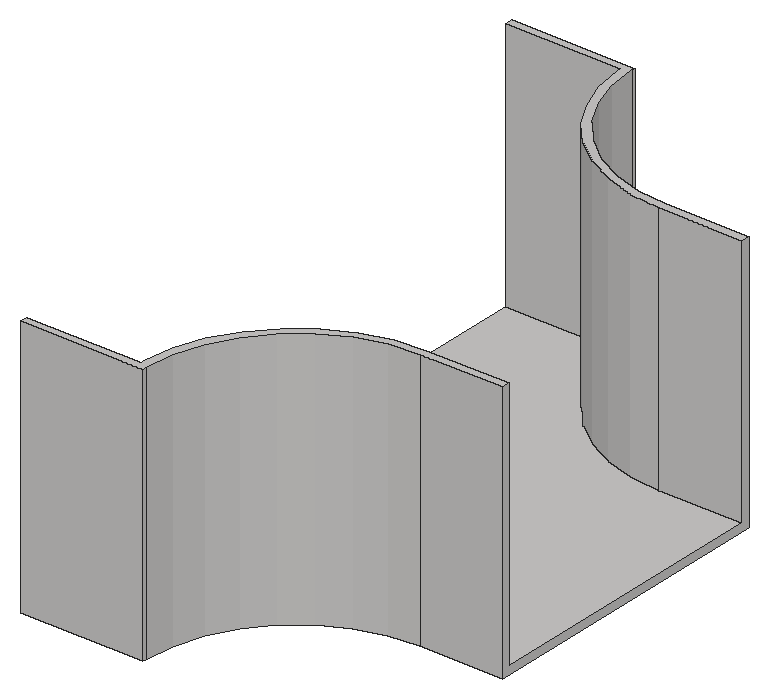
Revit family "S4R_OBO BETTERMANN_CableTray_SaddlePiece_RAA FS", category Cable Tray Fittings, Revit 2012
Parameters
  Wholesaler art.no. = ""
  Wholesaler = ""
  Watermarked By = "www.stabiplan.com"
  WIDTH2 [instance] = if(and(WIDTH = 100 mm, HEIGHT1 = 60 mm, ANGLE2 = 90.00°), 100 mm, if(and(WIDTH = 200 mm, HEIGHT1 = 60 mm, ANGLE2 = 90.00°), 100 mm, if(and(WIDTH = 300 mm, HEIGHT1 = 60 mm, ANGLE2 = 90.00°), 100 mm, if(and(WIDTH = 400 mm, HEIGHT1 = 60 mm, ANGLE2 = 90.00°), 510 mm, if(and(WIDTH = 500 mm, HEIGHT1 = 60 mm, ANGLE2 = 90.00°), 510 mm, if(and(WIDTH = 600 mm, HEIGHT1 = 60 mm, ANGLE2 = 90.00°), 510 mm, if(and(WIDTH = 200 mm, HEIGHT1 = 110 mm, ANGLE2 = 90.00°), 100 mm, if(and(WIDTH = 100 mm, HEIGHT1 = 35 mm, ANGLE2 = 90.00°), 100 mm, if(and(WIDTH = 200 mm, HEIGHT1 = 35 mm, ANGLE2 = 90.00°), 100 mm, if(and(WIDTH = 300 mm, HEIGHT1 = 35 mm, ANGLE2 = 90.00°), 100 mm, if(and(WIDTH = 500 mm, HEIGHT1 = 85 mm, ANGLE2 = 90.00°), 510 mm, if(and(WIDTH = 100 mm, HEIGHT1 = 85 mm, ANGLE2 = 90.00°), 100 mm, if(and(WIDTH = 200 mm, HEIGHT1 = 85 mm, ANGLE2 = 90.00°), 100 mm, if(and(WIDTH1 = 100 mm, HEIGHT1 = 110 mm, ANGLE2 = 90.00°), 100 mm, if(and(WIDTH1 = 300 mm, HEIGHT1 = 110 mm, ANGLE2 = 90.00°), 100 mm, if(and(WIDTH1 = 50 mm, HEIGHT1 = 35 mm, ANGLE2 = 90.00°), 100 mm, if(and(WIDTH1 = 400 mm, HEIGHT1 = 85 mm, ANGLE2 = 90.00°), 510 mm, if(and(WIDTH1 = 600 mm, HEIGHT1 = 85 mm, ANGLE2 = 90.00°), 510 mm, if(and(WIDTH = 300 mm, HEIGHT1 = 85 mm, ANGLE2 = 90.00°), 100 mm, 100 mm))))))))))))))))))) + WIDTH  # 200 mm
  WIDTH1 [instance] = 100 mm
  WIDTH [instance] = if(WIDTH1 < 50 mm, 50 mm, WIDTH1)  # 100 mm
  VERSION = "91900"  # constant formula
  URL = "www.stabiplan.com"
  built-in parameter 1140111 [instance] = 2.6 mm
  TYPE [instance] = "RAA FS"  # constant formula
  StabiCAD_PM = ""
  Safe_Length2 [instance] = if(ISCUSTOM, 1 mm, Safe)  # 1 mm
  Safe_Length [instance] = if(WIDTH > 300 mm, WIDTH / 2, WIDTH * 2)  # 200 mm
  Safe4 [instance] = Safe3 - [built-in parameter 1140111]  # 37.4 mm
  Safe3 [instance] = if(WIDTH2 > 610 mm, 50 mm, 40 mm)  # 40 mm
  Safe2 [instance] = if(WIDTH2 > 610 mm, 105 mm, 27 mm)  # 27 mm
  Safe [instance] = if(WIDTH2 > 610 mm, 105 mm, 1 mm)  # 1 mm
  Safe5 [instance] = if(ISCUSTOM, LENGTH1 - Radius - Safe4, Safe2)  # 27 mm
  RadiusSafe [instance] = Radius + [built-in parameter 1140111]  # 52.6 mm
  Radius [instance] = if(and(WIDTH = 100 mm, HEIGHT1 = 60 mm, ANGLE2 = 90.00°), 50 mm, if(and(WIDTH = 200 mm, HEIGHT1 = 60 mm, ANGLE2 = 90.00°), 50 mm, if(and(WIDTH = 300 mm, HEIGHT1 = 60 mm, ANGLE2 = 90.00°), 50 mm, if(and(WIDTH = 400 mm, HEIGHT1 = 60 mm, ANGLE2 = 90.00°), 150 mm, if(and(WIDTH = 500 mm, HEIGHT1 = 60 mm, ANGLE2 = 90.00°), 150 mm, if(and(WIDTH = 600 mm, HEIGHT1 = 60 mm, ANGLE2 = 90.00°), 150 mm, if(and(WIDTH = 200 mm, HEIGHT1 = 110 mm, ANGLE2 = 90.00°), 50 mm, if(and(WIDTH = 100 mm, HEIGHT1 = 35 mm, ANGLE2 = 90.00°), 50 mm, if(and(WIDTH = 200 mm, HEIGHT1 = 35 mm, ANGLE2 = 90.00°), 50 mm, if(and(WIDTH = 300 mm, HEIGHT1 = 35 mm, ANGLE2 = 90.00°), 50 mm, if(and(WIDTH = 500 mm, HEIGHT1 = 85 mm, ANGLE2 = 90.00°), 150 mm, if(and(WIDTH = 100 mm, HEIGHT1 = 85 mm, ANGLE2 = 90.00°), 50 mm, if(and(WIDTH = 200 mm, HEIGHT1 = 85 mm, ANGLE2 = 90.00°), 50 mm, if(and(WIDTH1 = 100 mm, HEIGHT1 = 110 mm, ANGLE2 = 90.00°), 50 mm, if(and(WIDTH1 = 300 mm, HEIGHT1 = 110 mm, ANGLE2 = 90.00°), 50 mm, if(and(WIDTH1 = 50 mm, HEIGHT1 = 35 mm, ANGLE2 = 90.00°), 50 mm, if(and(WIDTH1 = 400 mm, HEIGHT1 = 85 mm, ANGLE2 = 90.00°), 150 mm, if(and(WIDTH1 = 600 mm, HEIGHT1 = 85 mm, ANGLE2 = 90.00°), 150 mm, if(and(WIDTH = 300 mm, HEIGHT1 = 85 mm, ANGLE2 = 90.00°), 50 mm, 50 mm)))))))))))))))))))  # 50 mm
  PRODUCTLINE [instance] = "OBO BETTERMANN CableTrays"  # constant formula
  Model = ""
  Manufacturer = "OBO BETTERMANN"  # constant formula
  LENGTH1 [instance] = if(and(WIDTH = 100 mm, HEIGHT1 = 60 mm, ANGLE2 = 90.00°), 117 mm, if(and(WIDTH = 200 mm, HEIGHT1 = 60 mm, ANGLE2 = 90.00°), 117 mm, if(and(WIDTH = 300 mm, HEIGHT1 = 60 mm, ANGLE2 = 90.00°), 117 mm, if(and(WIDTH = 400 mm, HEIGHT1 = 60 mm, ANGLE2 = 90.00°), 300 mm, if(and(WIDTH = 500 mm, HEIGHT1 = 60 mm, ANGLE2 = 90.00°), 300 mm, if(and(WIDTH = 600 mm, HEIGHT1 = 60 mm, ANGLE2 = 90.00°), 300 mm, if(and(WIDTH = 200 mm, HEIGHT1 = 110 mm, ANGLE2 = 90.00°), 117 mm, if(and(WIDTH = 100 mm, HEIGHT1 = 35 mm, ANGLE2 = 90.00°), 117 mm, if(and(WIDTH = 200 mm, HEIGHT1 = 35 mm, ANGLE2 = 90.00°), 117 mm, if(and(WIDTH = 300 mm, HEIGHT1 = 35 mm, ANGLE2 = 90.00°), 117 mm, if(and(WIDTH = 500 mm, HEIGHT1 = 85 mm, ANGLE2 = 90.00°), 300 mm, if(and(WIDTH = 100 mm, HEIGHT1 = 85 mm, ANGLE2 = 90.00°), 117 mm, if(and(WIDTH = 200 mm, HEIGHT1 = 85 mm, ANGLE2 = 90.00°), 117 mm, if(and(WIDTH = 300 mm, HEIGHT1 = 85 mm, ANGLE2 = 90.00°), 117 mm, if(and(WIDTH1 = 100 mm, HEIGHT1 = 110 mm, ANGLE2 = 90.00°), 117 mm, if(and(WIDTH1 = 300 mm, HEIGHT1 = 110 mm, ANGLE2 = 90.00°), 117 mm, if(and(WIDTH1 = 50 mm, HEIGHT1 = 35 mm, ANGLE2 = 90.00°), 117 mm, if(and(WIDTH1 = 400 mm, HEIGHT1 = 85 mm, ANGLE2 = 90.00°), 300 mm, if(and(WIDTH1 = 600 mm, HEIGHT1 = 85 mm, ANGLE2 = 90.00°), 300 mm, Safe_Length)))))))))))))))))))  # 117 mm
  Internal art.no. = ""
  ISCUSTOM [instance] = if(and(WIDTH = 100 mm, HEIGHT1 = 60 mm, ANGLE2 = 90.00°), 1 = 0, if(and(WIDTH = 200 mm, HEIGHT1 = 60 mm, ANGLE2 = 90.00°), 1 = 0, if(and(WIDTH = 300 mm, HEIGHT1 = 60 mm, ANGLE2 = 90.00°), 1 = 0, if(and(WIDTH = 400 mm, HEIGHT1 = 60 mm, ANGLE2 = 90.00°), 1 = 0, if(and(WIDTH = 500 mm, HEIGHT1 = 60 mm, ANGLE2 = 90.00°), 1 = 0, if(and(WIDTH = 600 mm, HEIGHT1 = 60 mm, ANGLE2 = 90.00°), 1 = 0, if(and(WIDTH = 200 mm, HEIGHT1 = 110 mm, ANGLE2 = 90.00°), 1 = 0, if(and(WIDTH = 100 mm, HEIGHT1 = 35 mm, ANGLE2 = 90.00°), 1 = 0, if(and(WIDTH = 200 mm, HEIGHT1 = 35 mm, ANGLE2 = 90.00°), 1 = 0, if(and(WIDTH = 300 mm, HEIGHT1 = 35 mm, ANGLE2 = 90.00°), 1 = 0, if(and(WIDTH = 500 mm, HEIGHT1 = 85 mm, ANGLE2 = 90.00°), 1 = 0, if(and(WIDTH = 100 mm, HEIGHT1 = 85 mm, ANGLE2 = 90.00°), 1 = 0, if(and(WIDTH = 200 mm, HEIGHT1 = 85 mm, ANGLE2 = 90.00°), 1 = 0, if(and(WIDTH = 300 mm, HEIGHT1 = 85 mm, ANGLE2 = 90.00°), 1 = 0, if(and(WIDTH1 = 100 mm, HEIGHT1 = 110 mm, ANGLE2 = 90.00°), 1 = 0, if(and(WIDTH1 = 300 mm, HEIGHT1 = 110 mm, ANGLE2 = 90.00°), 1 = 0, if(and(WIDTH1 = 50 mm, HEIGHT1 = 35 mm, ANGLE2 = 90.00°), 1 = 0, if(and(WIDTH1 = 400 mm, HEIGHT1 = 85 mm, ANGLE2 = 90.00°), 1 = 0, if(and(WIDTH1 = 600 mm, HEIGHT1 = 85 mm, ANGLE2 = 90.00°), 1 = 0, 1 = 1)))))))))))))))))))  # no
  IFCExportType = ""
  IFCExportAs = ""
  HEIGHT1 [instance] = 85 mm
  GTINNUMBER [instance] = if(and(WIDTH = 100 mm, HEIGHT1 = 60 mm, ANGLE2 = 90.00°), "4012196379392", if(and(WIDTH = 200 mm, HEIGHT1 = 60 mm, ANGLE2 = 90.00°), "4012196379453", if(and(WIDTH = 300 mm, HEIGHT1 = 60 mm, ANGLE2 = 90.00°), "4012196379514", if(and(WIDTH = 400 mm, HEIGHT1 = 60 mm, ANGLE2 = 90.00°), "4012196212897", if(and(WIDTH = 500 mm, HEIGHT1 = 60 mm, ANGLE2 = 90.00°), "4012196212958", if(and(WIDTH = 600 mm, HEIGHT1 = 60 mm, ANGLE2 = 90.00°), "4012196213016", if(and(WIDTH = 200 mm, HEIGHT1 = 110 mm, ANGLE2 = 90.00°), "4012196819850", if(and(WIDTH = 100 mm, HEIGHT1 = 35 mm, ANGLE2 = 90.00°), "4012196453191", if(and(WIDTH = 200 mm, HEIGHT1 = 35 mm, ANGLE2 = 90.00°), "4012196449835", if(and(WIDTH = 300 mm, HEIGHT1 = 35 mm, ANGLE2 = 90.00°), "4012196453672", if(and(WIDTH = 500 mm, HEIGHT1 = 85 mm, ANGLE2 = 90.00°), "4012196213313", if(and(WIDTH = 100 mm, HEIGHT1 = 85 mm, ANGLE2 = 90.00°), "4012196819614", if(and(WIDTH = 200 mm, HEIGHT1 = 85 mm, ANGLE2 = 90.00°), "4012196819676", if(and(WIDTH = 300 mm, HEIGHT1 = 85 mm, ANGLE2 = 90.00°), "4012196819737", if(and(WIDTH1 = 100 mm, HEIGHT1 = 110 mm, ANGLE2 = 90.00°), "4012196819799", if(and(WIDTH1 = 300 mm, HEIGHT1 = 110 mm, ANGLE2 = 90.00°), "4012196819911", if(and(WIDTH1 = 50 mm, HEIGHT1 = 35 mm, ANGLE2 = 90.00°), "4012195069225", if(and(WIDTH1 = 400 mm, HEIGHT1 = 85 mm, ANGLE2 = 90.00°), "4012196213252", if(and(WIDTH1 = 600 mm, HEIGHT1 = 85 mm, ANGLE2 = 90.00°), "4012196213375", "Unknown")))))))))))))))))))  # "4012196819614"
  ETIM article class = ""
  Description = "Horizontal CableTray Saddle Piece"
  DEEPLINK = "http://catalog1.obo-bettermann.com/catalogue/catalogue.do?forward=showProductGroup&act=showIO&favOid=kts_6140&action=showManyProducts&lang=de&OID=kts_6140&catId="
  Copyright = "© Stabiplan BV / Stabiplan International BV"  # constant formula
  CT2 [instance] = 1
  CT1 [instance] = 1
  BodyColor = Steel
  ARTICLENUMBER [instance] = if(and(WIDTH = 100 mm, HEIGHT1 = 60 mm, ANGLE2 = 90.00°), "6040403", if(and(WIDTH = 200 mm, HEIGHT1 = 60 mm, ANGLE2 = 90.00°), "6040438", if(and(WIDTH = 300 mm, HEIGHT1 = 60 mm, ANGLE2 = 90.00°), "6040446", if(and(WIDTH = 400 mm, HEIGHT1 = 60 mm, ANGLE2 = 90.00°), "7002394", if(and(WIDTH = 500 mm, HEIGHT1 = 60 mm, ANGLE2 = 90.00°), "7002416", if(and(WIDTH = 600 mm, HEIGHT1 = 60 mm, ANGLE2 = 90.00°), "7002432", if(and(WIDTH = 200 mm, HEIGHT1 = 110 mm, ANGLE2 = 90.00°), "7002653", if(and(WIDTH = 100 mm, HEIGHT1 = 35 mm, ANGLE2 = 90.00°), "6040322", if(and(WIDTH = 200 mm, HEIGHT1 = 35 mm, ANGLE2 = 90.00°), "6040349", if(and(WIDTH = 300 mm, HEIGHT1 = 35 mm, ANGLE2 = 90.00°), "6040357", if(and(WIDTH = 500 mm, HEIGHT1 = 85 mm, ANGLE2 = 90.00°), "7002556", if(and(WIDTH = 100 mm, HEIGHT1 = 85 mm, ANGLE2 = 90.00°), "7002475", if(and(WIDTH = 200 mm, HEIGHT1 = 85 mm, ANGLE2 = 90.00°), "7002491", if(and(WIDTH = 300 mm, HEIGHT1 = 85 mm, ANGLE2 = 90.00°), "7002513", if(and(WIDTH1 = 100 mm, HEIGHT1 = 110 mm, ANGLE2 = 90.00°), "7002637", if(and(WIDTH1 = 300 mm, HEIGHT1 = 110 mm, ANGLE2 = 90.00°), "7002688", if(and(WIDTH1 = 50 mm, HEIGHT1 = 35 mm, ANGLE2 = 90.00°), "6040314", if(and(WIDTH1 = 400 mm, HEIGHT1 = 85 mm, ANGLE2 = 90.00°), "7002521", if(and(WIDTH1 = 600 mm, HEIGHT1 = 85 mm, ANGLE2 = 90.00°), "7002572", "Unknown")))))))))))))))))))  # "7002475"
  ARTICLEDESCRIPTION [instance] = "Horizontal CableTray Saddle Piece"
  ANGLE2 = 90.00°  # constant formula
Reference planes
  plane 1 "Center (Front/Back)": y = 0
  plane 2: z = 0
  plane 3 "Center (Left/Right)": x = 0
  plane 4: y = 50
  plane 5: y = -50
  plane 6: y = 100
  plane 7: y = -100
  plane 8: z = 42.5
  plane 9: z = -42.5
  plane 10: x = 117
  plane 11: x = 40
  plane 12: z = 27.5
  plane 13: z = -39.9
  plane 14: y = 99
  plane 15: y = -99
  plane 16: x = 40
  plane 17: x = 90
  plane 18: y = 99
  plane 19: y = -99
  plane 20: x = 40
  plane 21: x = 90
  plane 22: y = -97.4
  plane 23: y = 97.4
  plane 24: x = 37.4
  plane 25: x = 90
Forms (mm)
  Extrusion 1, solid, material "Steel" <- "BodyColor", detail levels medium
    sketch origin (0, 0, 0) x (1, 0, 0) y (0, 1, 0)
      loop
        line (0, 100) -> (0, -100) -> (40, -100) -> (40, -99)
        arc (40, -99) -> (54.994, -64.289) -> (90, -50) r 50
        line (90, -50) -> (117, -50) -> (117, 50) -> (90, 50)
        arc (90, 50) -> (54.994, 64.289) -> (40, 99) r 50
        line (40, 99) -> (40, 100) -> (0, 100)
    from -42.5 to 42.5
  Extrusion 2, solid, material "Steel" <- "BodyColor", detail levels fine
    sketch origin (0, 0, 0) x (1, 0, 0) y (0, 1, 0)
      loop
        line (0, 100) -> (0, -100) -> (40, -100) -> (40, -99)
        arc (40, -99) -> (54.994, -64.289) -> (90, -50) r 50
        line (90, -50) -> (117, -50) -> (117, 50) -> (90, 50)
        arc (90, 50) -> (54.994, 64.289) -> (40, 99) r 50
        line (40, 99) -> (40, 100) -> (0, 100)
    from -42.5 to 42.5
  Extrusion 3, void
    sketch origin (0, 0, 0) x (1, 0, 0) y (0, 1, 0)
      loop
        line (0, 97.4) -> (0, -97.4) -> (37.4, -97.4) -> (37.4, -96.4)
        arc (37.4, -96.4) -> (54.023, -61.512) -> (90, -47.4) r 52.6
        line (90, -47.4) -> (117, -47.4) -> (117, 47.4) -> (90, 47.4)
        arc (90, 47.4) -> (54.023, 61.512) -> (37.4, 96.4) r 52.6
        line (37.4, 96.4) -> (37.4, 97.4) -> (0, 97.4)
    from -39.9 to 42.5
Cuts and joins
  Extrusion 3 cuts Extrusion 2
Lines and regions (mm)
  model lines, style "Coarse", detail levels coarse
    curve 1: line (0, 0, 0) -> (117, 0, 0)
Dimensions and locks
  equal spacing: plane 4, plane 1 "Center (Front/Back)", plane 5
  "WIDTH": plane 4 to plane 5
  equal spacing: plane 6, plane 1 "Center (Front/Back)", plane 7
  equal spacing: plane 8, level, plane 9
  "HEIGHT1": plane 8 to plane 9
  "LENGTH1": plane 3 "Center (Left/Right)" to plane 10
  "WIDTH2": plane 6 to plane 7
  "LENGTH1": curve 1 to curve 1
  plane 3 "Center (Left/Right)" to Extrusion 1 = 117 mm
  locked: plane 3 "Center (Left/Right)" to plane 11 at 40
  "built-in parameter 1140111": plane 13 to plane 9
  "Safe_Length2": plane 6 to plane 14
  "Safe_Length2": plane 15 to plane 7
  "Safe3": plane 3 "Center (Left/Right)" to plane 16
  "Safe5": plane 17 to plane 10
  "Safe_Length2": plane 6 to plane 18
  "Safe_Length2": plane 19 to plane 7
  "Safe3": plane 3 "Center (Left/Right)" to plane 20
  "Safe5": plane 21 to plane 10
  "built-in parameter 1140111": plane 22 to plane 7
  "built-in parameter 1140111": plane 6 to plane 23
  "built-in parameter 1140111": plane 4 to Extrusion 3 sketch curve
  "built-in parameter 1140111": Extrusion 3 sketch curve to plane 5
  "Safe4": plane 3 "Center (Left/Right)" to plane 24
  Extrusion 3 to plane 3 "Center (Left/Right)" = 117 mm
  "Safe5": plane 25 to plane 10
  "Safe_Length2": plane 23 to Extrusion 3 sketch curve
  "Safe_Length2": Extrusion 3 sketch curve to plane 22
  "Radius": radius of Extrusion 1 sketch curve  (x2)
  "Radius": radius of Extrusion 2 sketch curve  (x2)
  "RadiusSafe": radius of Extrusion 3 sketch curve  (x2)
  aligned and locked: level to plane 2
  aligned and locked: plane 1 "Center (Front/Back)" to curve 1
  aligned and locked: Extrusion 1 to plane 9
  aligned and locked: plane 8 to Extrusion 1
  aligned and locked: plane 4 to Extrusion 1 sketch curve
  aligned and locked: plane 10 to Extrusion 1 sketch curve  (x2)
  aligned and locked: plane 3 "Center (Left/Right)" to Extrusion 1 sketch curve  (x2)
  aligned and locked: plane 17 to Extrusion 1 sketch curve  (x2)
  aligned and locked: plane 5 to Extrusion 1 sketch curve
  aligned and locked: Extrusion 1 sketch curve to plane 7
  aligned and locked: plane 15 to Extrusion 1 sketch curve
  aligned and locked: Extrusion 1 sketch curve to plane 16
  aligned and locked: plane 16 to Extrusion 1 sketch curve  (x3)
  aligned and locked: Extrusion 1 sketch curve to plane 6
  aligned and locked: plane 6 to Extrusion 1 sketch curve
  aligned and locked: plane 14 to Extrusion 1 sketch curve
  aligned and locked: plane 10 to Extrusion 2 sketch curve  (x2)
  aligned and locked: plane 3 "Center (Left/Right)" to Extrusion 2 sketch curve
  aligned and locked: plane 21 to Extrusion 2 sketch curve  (x2)
  aligned and locked: Extrusion 2 sketch curve to plane 7
  aligned and locked: plane 19 to Extrusion 2 sketch curve
  aligned and locked: Extrusion 2 sketch curve to plane 20
  aligned and locked: plane 20 to Extrusion 2 sketch curve  (x3)
  aligned and locked: Extrusion 2 sketch curve to plane 6
  aligned and locked: plane 6 to Extrusion 2 sketch curve
  aligned and locked: plane 18 to Extrusion 2 sketch curve
  aligned and locked: Extrusion 2 sketch curve to plane 3 "Center (Left/Right)"
  aligned and locked: plane 5 to Extrusion 2 sketch curve
  aligned and locked: plane 4 to Extrusion 2 sketch curve
  aligned and locked: Extrusion 2 to plane 9
  aligned and locked: plane 8 to Extrusion 2
  aligned and locked: Extrusion 3 sketch curve to plane 22
  aligned and locked: plane 23 to Extrusion 3 sketch curve
  aligned and locked: Extrusion 3 sketch curve to plane 3 "Center (Left/Right)"
  aligned and locked: plane 10 to Extrusion 3 sketch curve
  aligned and locked: Extrusion 3 to plane 13
  aligned and locked: plane 8 to Extrusion 3
  aligned and locked: plane 25 to Extrusion 3 sketch curve  (x2)
  aligned and locked: Extrusion 3 sketch curve to plane 24
  aligned and locked: plane 22 to Extrusion 3 sketch curve
  aligned and locked: plane 24 to Extrusion 3 sketch curve
Automatic sketch dimensions
  curve 1 to plane 3 "Center (Left/Right)" = 0 mm
Connectors
  cabletrayconduit at (117, 0, 0), driven by "HEIGHT1", driven by "WIDTH1"
    settings: on Extrusion 1, index 1, connector width 100 mm, connector height 85 mm, connector radius 300 mm, connector angle 0.00°, system type 32, placement type 0, profile type 1, connector reference index -1, is primary connector yes, connector utility param no, connector description ""
